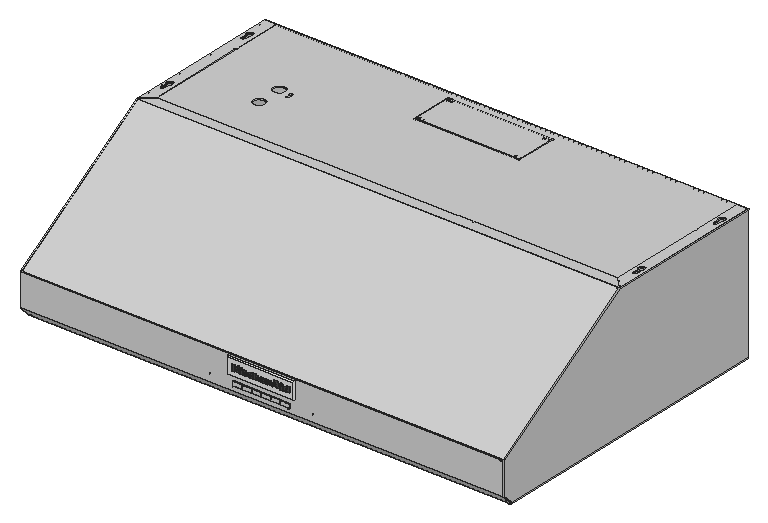
Revit family "P200880KC-062c_KVUC606KSS", category Specialty Equipment, Revit 2026 (continued)
Definition of nested family "Kitchen Aid Logo 1"
  Forms (in)
    Extrusion 3, solid, material <- "Font Material"
      sketch origin (0, -0.125, 0) x (1, 0, 0) y (0, 0, 1)
        loop
          line (-1.68999, 0.66223) -> (-1.5695, 0.86276) -> (-1.70974, 0.86276) -> (-1.84008, 0.67662)
          arc (-1.84008, 0.67662) -> (-1.85211, 0.66578) -> (-1.86659, 0.65851) r 0.06064
          arc (-1.86659, 0.65851) -> (-1.884, 0.66104) -> (-1.89205, 0.67668) r 0.01922
          line (-1.89205, 0.67668) -> (-1.89205, 0.86276) -> (-2.09774, 0.86276) -> (-2.09774, 0.39529) -> (-1.89205, 0.39529) -> (-1.89205, 0.51694)
          arc (-1.89205, 0.51694) -> (-1.88212, 0.53835) -> (-1.85936, 0.5446) r 0.02805
          arc (-1.85936, 0.5446) -> (-1.83463, 0.5344) -> (-1.81679, 0.51446) r 0.06
          line (-1.81679, 0.51446) -> (-1.76864, 0.39529) -> (-1.52556, 0.39529) -> (-1.64856, 0.63671)
        loop
          line (-1.32174, 0.6711) -> (-1.50873, 0.6711) -> (-1.50873, 0.39529) -> (-1.32174, 0.39529) -> (-1.32174, 0.6711)
        loop
          spline (-1.32174, 0.76199) -> (-1.32492, 0.77833) -> (-1.33426, 0.79355) -> (-1.34912, 0.80663) -> (-1.36849, 0.81666) -> (-1.39103, 0.82296) -> (-1.41523, 0.82511) -> (-1.43943, 0.82296) -> (-1.46198, 0.81666) -> (-1.48134, 0.80663) -> (-1.4962, 0.79355) -> (-1.50554, 0.77833) -> (-1.50873, 0.76199)
          spline (-1.50873, 0.76199) -> (-1.50554, 0.74566) -> (-1.4962, 0.73044) -> (-1.48134, 0.71736) -> (-1.46198, 0.70733) -> (-1.43943, 0.70103) -> (-1.41523, 0.69888) -> (-1.39103, 0.70103) -> (-1.36849, 0.70733) -> (-1.34912, 0.71736) -> (-1.33426, 0.73044) -> (-1.32492, 0.74566) -> (-1.32174, 0.76199)
        loop
          line (-1.28808, 0.65988) -> (-1.28808, 0.57947) -> (-1.23198, 0.57947) -> (-1.23198, 0.46495)
          arc (-1.23198, 0.46495) -> (-1.20764, 0.41266) -> (-1.15789, 0.38347) r 0.0969
          arc (-1.15789, 0.38347) -> (-1.0623, 0.38563) -> (-0.97394, 0.42215) r 0.26031
          line (-0.97394, 0.42215) -> (-0.97394, 0.4771)
          arc (-0.97394, 0.4771) -> (-1.00196, 0.46528) -> (-1.03228, 0.4676) r 0.06454
          arc (-1.03228, 0.4676) -> (-1.04989, 0.48171) -> (-1.05809, 0.50274) r 0.04359
          line (-1.05809, 0.50274) -> (-1.05809, 0.57947) -> (-0.97394, 0.57947) -> (-0.97394, 0.65988) -> (-1.05809, 0.65988) -> (-1.05809, 0.74122) -> (-1.23198, 0.74122) -> (-1.23198, 0.65988) -> (-1.28808, 0.65988)
        loop
          arc (-0.89694, 0.65293) -> (-0.95554, 0.54133) -> (-0.89694, 0.42974) r 0.13557
          arc (-0.89694, 0.42974) -> (-0.74123, 0.37993) -> (-0.58405, 0.42493) r 0.28188
          line (-0.58405, 0.42493) -> (-0.58405, 0.50721)
          arc (-0.58405, 0.50721) -> (-0.65299, 0.47955) -> (-0.7266, 0.4895) r 0.1456
          arc (-0.7266, 0.4895) -> (-0.76125, 0.54133) -> (-0.7266, 0.59317) r 0.0561
          arc (-0.7266, 0.59317) -> (-0.65299, 0.60312) -> (-0.58405, 0.57546) r 0.1456
          line (-0.58405, 0.57546) -> (-0.58405, 0.65773)
          arc (-0.58405, 0.65773) -> (-0.74123, 0.70274) -> (-0.89694, 0.65293) r 0.28188
        loop
          line (-0.54666, 0.39529) -> (-0.35967, 0.39529) -> (-0.35967, 0.54956)
          arc (-0.35967, 0.54956) -> (-0.35145, 0.56939) -> (-0.33162, 0.5776) r 0.02805
          line (-0.33162, 0.5776) -> (-0.2989, 0.5776)
          arc (-0.2989, 0.5776) -> (-0.27906, 0.56939) -> (-0.27085, 0.54956) r 0.02805
          line (-0.27085, 0.54956) -> (-0.27085, 0.39529) -> (-0.09695, 0.39529) -> (-0.09695, 0.6018)
          arc (-0.09695, 0.6018) -> (-0.1505, 0.66734) -> (-0.2321, 0.68976) r 0.13925
          arc (-0.2321, 0.68976) -> (-0.28486, 0.68566) -> (-0.33651, 0.67413) r 0.37254
          arc (-0.33651, 0.67413) -> (-0.35242, 0.67694) -> (-0.35967, 0.69138) r 0.018
          line (-0.35967, 0.69138) -> (-0.35967, 0.81602) -> (-0.54666, 0.81602) -> (-0.54666, 0.39529)
        loop
          line (0.37333, 0.51216) -> (0.37333, 0.55398)
          arc (0.37333, 0.55398) -> (0.35085, 0.63014) -> (0.29061, 0.68188) r 0.14024
          arc (0.29061, 0.68188) -> (0.15554, 0.7113) -> (0.0201, 0.68358) r 0.33441
          arc (0.0201, 0.68358) -> (-0.04274, 0.62957) -> (-0.06412, 0.54951) r 0.14024
          arc (-0.06412, 0.54951) -> (-0.03548, 0.45898) -> (0.04428, 0.40745) r 0.14024
          arc (0.04428, 0.40745) -> (0.15461, 0.3923) -> (0.26586, 0.39754) r 0.60752
          arc (0.26586, 0.39754) -> (0.31759, 0.40931) -> (0.36585, 0.43136) r 0.25946
          line (0.36585, 0.43136) -> (0.36585, 0.4989)
          arc (0.36585, 0.4989) -> (0.29054, 0.47705) -> (0.21258, 0.46867) r 0.44788
          arc (0.21258, 0.46867) -> (0.17741, 0.47302) -> (0.14611, 0.48966) r 0.0975
          arc (0.14611, 0.48966) -> (0.14204, 0.5037) -> (0.15396, 0.51216) r 0.01262
          line (0.15396, 0.51216) -> (0.37333, 0.51216)
        loop
          line (0.12715, 0.58321) -> (0.19193, 0.58321)
          arc (0.19193, 0.58321) -> (0.15954, 0.62061) -> (0.12715, 0.58321) r 0.03272
        loop
          line (0.40885, 0.40184) -> (0.59584, 0.40184) -> (0.59584, 0.55743)
          arc (0.59584, 0.55743) -> (0.63417, 0.59577) -> (0.67251, 0.55743) r 0.03833
          line (0.67251, 0.55743) -> (0.67251, 0.40184) -> (0.84734, 0.40184) -> (0.84734, 0.61134)
          arc (0.84734, 0.61134) -> (0.84113, 0.6402) -> (0.82358, 0.66395) r 0.07012
          arc (0.82358, 0.66395) -> (0.75888, 0.69823) -> (0.68567, 0.69947) r 0.15716
          arc (0.68567, 0.69947) -> (0.63829, 0.68324) -> (0.59584, 0.65665) r 0.21884
          line (0.59584, 0.65665) -> (0.59584, 0.69059) -> (0.40885, 0.69059) -> (0.40885, 0.40184)
        loop
          line (0.86791, 0.40184) -> (0.96888, 0.40184) -> (1.0046, 0.48598) -> (1.17967, 0.48598) -> (1.21197, 0.40184) -> (1.46908, 0.40184) -> (1.28285, 0.86276) -> (1.02294, 0.86276) -> (1.04858, 0.82747) -> (0.86791, 0.40184)
        loop
          line (1.09653, 0.70256) -> (1.04984, 0.59256) -> (1.13875, 0.59256) -> (1.09653, 0.70256)
        loop
          line (1.67755, 0.6711) -> (1.49057, 0.6711) -> (1.49057, 0.39529) -> (1.67755, 0.39529) -> (1.67755, 0.6711)
        loop
          spline (1.67755, 0.76199) -> (1.67437, 0.77833) -> (1.66503, 0.79355) -> (1.65017, 0.80663) -> (1.63081, 0.81666) -> (1.60826, 0.82296) -> (1.58406, 0.82511) -> (1.55986, 0.82296) -> (1.53731, 0.81666) -> (1.51795, 0.80663) -> (1.50309, 0.79355) -> (1.49375, 0.77833) -> (1.49057, 0.76199)
          spline (1.49057, 0.76199) -> (1.49375, 0.74566) -> (1.50309, 0.73044) -> (1.51795, 0.71736) -> (1.53731, 0.70733) -> (1.55986, 0.70103) -> (1.58406, 0.69888) -> (1.60826, 0.70103) -> (1.63081, 0.70733) -> (1.65017, 0.71736) -> (1.66503, 0.73044) -> (1.67437, 0.74566) -> (1.67755, 0.76199)
        loop
          arc (1.78246, 0.68358) -> (1.71962, 0.62957) -> (1.69824, 0.54951) r 0.14024
          arc (1.69824, 0.54951) -> (1.72689, 0.45898) -> (1.80664, 0.40745) r 0.14024
          arc (1.80664, 0.40745) -> (1.90205, 0.40694) -> (1.99481, 0.42926) r 0.39596
          line (1.99481, 0.42926) -> (1.99481, 0.39529) -> (2.17712, 0.39529) -> (2.17712, 0.83658) -> (1.99481, 0.83658) -> (1.99481, 0.68436)
          arc (1.99481, 0.68436) -> (1.88855, 0.70661) -> (1.78246, 0.68358) r 0.26028
        loop
          line (1.99481, 0.52201) -> (1.99481, 0.57702)
          arc (1.99481, 0.57702) -> (1.94867, 0.59521) -> (1.90648, 0.56915) r 0.05534
          arc (1.90648, 0.56915) -> (1.90091, 0.54951) -> (1.90648, 0.52988) r 0.0374
          arc (1.90648, 0.52988) -> (1.94867, 0.50381) -> (1.99481, 0.52201) r 0.05534
      from 0 to -0.0689
  Cuts and joins
    Extrusion 1 cuts Blend 2
  Dimensions and locks (in)
    aligned and locked: plane 2 to level
